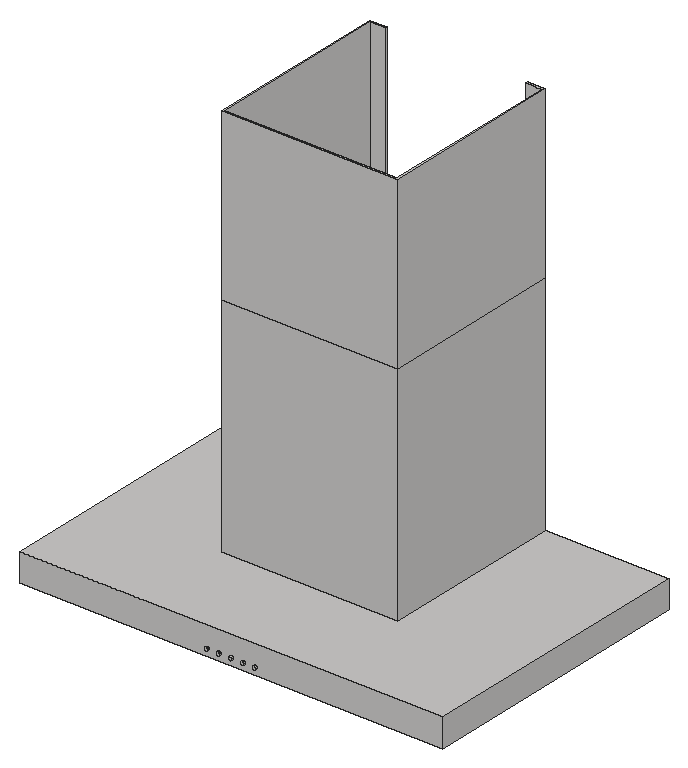
Revit family "Qf_Summit_SEH4630SS_30 inches Wide Wall-Mounted Range Hood", category Specialty Equipment, Revit 2020
Family settings
  Round Connector Dimension = Use Diameter
  Part Type = Normal
  Work Plane-Based = No
  Always vertical = Yes
  Cut with Voids When Loaded = No
  Shared = No
  Room Calculation Point = No
Parameters
  Weight in Pounds = 52
  Watts = FL Amps * Volts  # 299 W
  Volts = 115 V
  Ventilation Remarks = ""
  URL Cutsheet = ""
  Specification by User = ""
  Specification by Manufacturer = ""
  Show Clearance [instance] = yes
  Show Casters [instance] = yes
  Serial Number = ""
  Seismic Rating = ""
  SMACNA No = ""
  Revision Code = ""
  Phase = 1
  Number of Poles = 1
  NAFEM Spec ID Number = ""
  Model = "SEH4630SS"
  Min Ckt Ampacity = 0 A
  Max Overcurrent Protection = 0 A
  Masterspec = ""
  Manufacturer = "Summit"
  Length = 29 1/2"
  Item Number = ""
  Installed By = ""
  Identify Quantity as Lot = yes
  Height = 29 1/2"
  HP = ""
  Furnished By = ""
  Foodservice Equipment Identifier = yes
  FL Amps = 2.6 A
  Exhaust Volume = 200 CFM
  Exhaust Vent Width = 12 1/4"
  Exhaust Vent Diameter = 0"
  Exhaust Vent Depth = 12 7/8"
  Exhaust Static Press = 0.00 in-wg
  Exhaust RI Height = 0"
  Electrical Remarks = ""
  Electric Connection Type = ""
  Elec Conn RI Height = 0"
  Elec Conn Connection Height = 0"
  Description = "30\" Wide Wall-Mounted Range Hood"
  Depth = 19 11/16"
  Default Elevation = 0"
  Cycle = 60 Hz
  Conn Plug = ""
  Conn Conduit = yes
  CSI MasterFormat = ""
  Base Height [instance] = 3/4"
  Apparent Power = 828 VA
Reference planes (in)
  plane 1: z = 0
  plane 2 "LEFT": x = 0
  plane 3 "RIGHT": x = 29.5
  plane 4 "FRONT": y = -20.4375
  plane 5 "TOP": z = 29.5
  plane 6 "Center Y": x = 14.75
  plane 7 "Center X": y = -10.59375
  plane 8 "BACK": y = -0.75
  plane 9: z = 17.6875
  plane 10: y = -13.625
  plane 11: x = 8.625
  plane 12: x = 20.875
  plane 13: z = 1.9375
Forms (in)
  Extrusion 1, solid, material "QF_Metal_Stainless_Polished"
    sketch origin (0, 0, 0) x (1, 0, 0) y (0, 1, 0)
      loop
        line (8.625, -0.75) -> (8.625, -13.625) -> (20.875, -13.625) -> (20.875, -0.75) -> (19.64649, -0.75) -> (19.64649, -0.875) -> (20.75, -0.875) -> (20.75, -13.5) -> (8.75, -13.5) -> (8.75, -0.875) -> (9.85351, -0.875) -> (9.85351, -0.75) -> (8.625, -0.75)
    from 17.6875 to 29.5
  Extrusion 2, solid, material "QF_Metal_Stainless_Polished"
    sketch origin (0, 0, 51) x (0, -1, 0) y (1, 0, 0)
      loop
        line (0.75, 8.625) -> (13.625, 8.625) -> (13.625, 20.875) -> (0.75, 20.875) -> (0.75, 8.625)
    from -49.0625 to -33.3125
  Extrusion 3, solid, material "QF_Metal_Stainless_Polished"
    sketch origin (0, 0, 0) x (1, 0, 0) y (0, 1, 0)
      loop
        line (0, -0.75) -> (0, -20.4375) -> (29.5, -20.4375) -> (29.5, -0.75) -> (0, -0.75)
    from 0 to 1.9375
  Extrusion 4, solid, material "QF_Metal_Stainless_Polished"
    sketch origin (7.25, -0.75, 51) x (1, 0, 0) y (0, 0, -1)
      loop
        circle (7.5, 47.97736) r 0.25
    from 0 to 0.06876
  Extrusion 5, solid, material "QF_Metal_Stainless_Polished"
    sketch origin (29.5, -20.4375, 0) x (-1, 0, 0) y (0, 0, -1)
      loop
        circle (14.75, -0.47403) r 0.11743
      loop
        circle (13.90565, -0.47403) r 0.11743
      loop
        circle (15.59435, -0.47403) r 0.11743
      loop
        circle (16.43869, -0.47403) r 0.11743
      loop
        circle (13.06131, -0.47403) r 0.11743
    from 0 to 0.08308
  Extrusion 6, void
    sketch origin (2.96875, 0, 0) x (1, 0, 0) y (0, 1, 0)
      loop
        line (-0.96875, -2.75) -> (-0.96875, -18.4375) -> (24.53125, -18.4375) -> (24.53125, -2.75) -> (-0.96875, -2.75)
    from 1.33879 to 0
  Extrusion 7, solid, material "QF_Metal_Stainless_Polished"
    sketch origin (2.96875, 0, 0) x (0, 1, 0) y (1, 0, 0)
      loop
        line (-2.875, -0.8387) -> (-2.875, 24.35971) -> (-18.3125, 24.35971) -> (-18.3125, -0.8387) -> (-2.875, -0.8387)
      loop
        line (-3.2238, -0.5109) -> (-3.2238, 11.53125) -> (-15.9738, 11.53125) -> (-15.9738, 6.96875) -> (-14.8488, 6.96875) -> (-14.8488, 3.96875) -> (-15.9738, 3.96875) -> (-15.9738, -0.5109) -> (-3.2238, -0.5109)
      loop
        line (-3.2238, 24.0734) -> (-15.9738, 24.0734) -> (-15.9738, 19.59375) -> (-14.8488, 19.59375) -> (-14.8488, 16.59375) -> (-15.9738, 16.59375) -> (-15.9738, 12.03125) -> (-3.2238, 12.03125) -> (-3.2238, 24.0734)
    from 0 to -1.33879
  Extrusion 8, solid, material "QF_Plastic_White_Smooth"
    sketch origin (2.96875, 0, 0) x (0, 1, 0) y (-1, 0, 0)
      loop
        line (-15.9738, 0.5109) -> (-15.9738, -3.96875) -> (-14.8488, -3.96875) -> (-14.8488, -6.96875) -> (-15.9738, -6.96875) -> (-15.9738, -11.53125) -> (-3.2238, -11.53125) -> (-3.2238, 0.5109) -> (-15.9738, 0.5109)
      loop
        line (-15.9738, -24.0734) -> (-3.2238, -24.0734) -> (-3.2238, -12.03125) -> (-15.9738, -12.03125) -> (-15.9738, -16.59375) -> (-14.8488, -16.59375) -> (-14.8488, -19.59375) -> (-15.9738, -19.59375) -> (-15.9738, -24.0734)
    from 0 to 1.33879
  Extrusion 9, solid, material "QF_Plastic_White_Smooth"
    sketch origin (2.96875, 0, 0) x (1, 0, 0) y (0, 1, 0)
      loop
        spline (6.53125, -1.75505) -> (6.49292, -1.53462) -> (6.38053, -1.32922) -> (6.20175, -1.15283) -> (5.96875, -1.01749) -> (5.69742, -0.9324) -> (5.40625, -0.90339) -> (5.11508, -0.9324) -> (4.84375, -1.01749) -> (4.61075, -1.15283) -> (4.43197, -1.32922) -> (4.31958, -1.53462) -> (4.28125, -1.75505)
        spline (4.28125, -1.75505) -> (4.31958, -1.97547) -> (4.43197, -2.18088) -> (4.61075, -2.35726) -> (4.84375, -2.49261) -> (5.11508, -2.57769) -> (5.40625, -2.60671) -> (5.69742, -2.57769) -> (5.96875, -2.49261) -> (6.20175, -2.35726) -> (6.38053, -2.18088) -> (6.49292, -1.97547) -> (6.53125, -1.75505)
      loop
        spline (17.03125, -1.75505) -> (17.06958, -1.97547) -> (17.18197, -2.18088) -> (17.36075, -2.35726) -> (17.59375, -2.49261) -> (17.86508, -2.57769) -> (18.15625, -2.60671) -> (18.44742, -2.57769) -> (18.71875, -2.49261) -> (18.95175, -2.35726) -> (19.13053, -2.18088) -> (19.24292, -1.97547) -> (19.28125, -1.75505)
        spline (19.28125, -1.75505) -> (19.24292, -1.53462) -> (19.13053, -1.32922) -> (18.95175, -1.15283) -> (18.71875, -1.01749) -> (18.44742, -0.9324) -> (18.15625, -0.90339) -> (17.86508, -0.9324) -> (17.59375, -1.01749) -> (17.36075, -1.15283) -> (17.18197, -1.32922) -> (17.06958, -1.53462) -> (17.03125, -1.75505)
    from 0 to -0.03009
  Extrusion 10, solid, material "QF_Metallic_Paint_Black_Glossy"
    sketch origin (2.96875, 0, 0) x (1, 0, 0) y (0, 1, 0)
      loop
        line (6.53393, -15.13785) -> (4.44365, -15.13785) -> (4.44365, -15.95774) -> (6.53393, -15.95774) -> (6.53393, -15.13785)
      loop
        line (17.02857, -15.13785) -> (17.02857, -15.95774) -> (19.11885, -15.95774) -> (19.11885, -15.13785) -> (17.02857, -15.13785)
    from 0 to -0.03009
Cuts and joins
  joined: Extrusion 2, Extrusion 4
  Extrusion 6 cuts Extrusion 3
  Extrusion 6 cuts Extrusion 10
Lines and regions (in)
  symbolic lines
    curve 1: line (0, -0.75, 0) -> (0, -20.4375, 0)
    curve 2: line (0, -20.4375, 0) -> (29.5, -20.4375, 0)
    curve 3: line (29.5, -20.4375, 0) -> (29.5, -0.75, 0)
    curve 4: line (29.5, -0.75, 0) -> (0, -0.75, 0)
    curve 5: line (20.75, -13.5, 0) -> (8.75, -13.5, 0)
    curve 6: line (8.75, -13.5, 0) -> (8.75, -0.875, 0)
    curve 7: line (8.75, -0.875, 0) -> (9.85351, -0.875, 0)
    curve 8: line (9.85351, -0.875, 0) -> (9.85351, -0.75, 0)
    curve 9: line (9.85351, -0.75, 0) -> (8.625, -0.75, 0)
    curve 10: line (8.625, -0.75, 0) -> (8.625, -13.625, 0)
    curve 11: line (8.625, -13.625, 0) -> (20.875, -13.625, 0)
    curve 12: line (20.875, -13.625, 0) -> (20.875, -0.75, 0)
    curve 13: line (20.875, -0.75, 0) -> (19.64649, -0.75, 0)
    curve 14: line (19.64649, -0.75, 0) -> (19.64649, -0.875, 0)
    curve 15: line (19.64649, -0.875, 0) -> (20.75, -0.875, 0)
    curve 16: line (20.75, -0.875, 0) -> (20.75, -13.5, 0)
Dimensions and locks (in)
  equal spacing: plane 2 "LEFT", plane 6 "Center Y", plane 3 "RIGHT"
  "Length": plane 2 "LEFT" to plane 3 "RIGHT"
  equal spacing: plane 4 "FRONT", plane 7 "Center X", plane 8 "BACK"
  "Height": plane 5 "TOP" to level
  plane 3 "RIGHT" to plane 2 "LEFT" = 29 1/2"
  plane 5 "TOP" to level = 29 1/2"
  "Depth": plane 4 "FRONT" to plane 8 "BACK"
  plane 9 to plane 13 = 15 3/4"
  plane 8 "BACK" to plane 10 = 12 7/8"
  plane 11 to plane 12 = 12 1/4"
  plane 13 to level = 1 15/16"
  equal spacing: plane 11, plane 6 "Center Y", plane 12, locked at 6.125 each
  locked: plane 6 "Center Y" to Extrusion 4 sketch curve
  Extrusion 5 sketch curve to Extrusion 5 sketch curve to plane 6 "Center Y" to Extrusion 5 sketch curve to Extrusion 5 sketch curve to Extrusion 5 sketch curve = 0.84435" locked, 0.84435" locked, 0" locked, 0.84435" locked, 0.84435" locked
  aligned and locked: level to plane 1
  aligned and locked: plane 5 "TOP" to Extrusion 1
  aligned and locked: Extrusion 1 to plane 9
  aligned and locked: plane 9 to Extrusion 2
  aligned and locked: Extrusion 3 to plane 13
  aligned and locked: cut or joined group of Extrusion 2, Extrusion 4 to plane 13
  aligned and locked: Extrusion 9 to Extrusion 10
Automatic sketch dimensions
  plane 8 "BACK" to Extrusion 2 sketch curve = 0"
  Extrusion 2 to Extrusion 4 sketch curve = 1.08514"
  plane 8 "BACK" to Extrusion 3 sketch curve = 0"
  Extrusion 1 sketch curve to plane 10 = 0"
  plane 8 "BACK" to Extrusion 1 sketch curve = 0"  (x2)
  Extrusion 1 sketch curve to plane 11 = 1/8"
  Extrusion 1 sketch curve to plane 11 = 0"
  Extrusion 1 sketch curve to Extrusion 1 sketch curve = 1.10351"
  plane 8 "BACK" to Extrusion 1 sketch curve = 1/8"  (x2)
  Extrusion 1 sketch curve to plane 12 = 1.22851"
  plane 10 to Extrusion 1 sketch curve = 1/8"
  Extrusion 1 sketch curve to plane 12 = 1/8"
  Extrusion 3 to Extrusion 5 sketch curve = 0.47403"  (x5)
  Extrusion 2 sketch curve to plane 11 = 0"
  Extrusion 2 sketch curve to plane 10 = 0"
  Extrusion 2 sketch curve to plane 12 = 0"
  Extrusion 1 sketch curve to plane 12 = 0"
  plane 4 "FRONT" to Extrusion 3 sketch curve = 0"
  plane 2 "LEFT" to Extrusion 3 sketch curve = 0"
  plane 3 "RIGHT" to Extrusion 3 sketch curve = 0"
  curve 1 to plane 2 "LEFT" = 0"
  curve 3 to plane 3 "RIGHT" = 0"
  plane 4 "FRONT" to curve 1 = 0"
  plane 8 "BACK" to curve 3 = 0"
  plane 8 "BACK" to curve 10 = 0"
  curve 10 to plane 11 = 0"
  plane 8 "BACK" to curve 14 = 0"
  curve 12 to plane 10 = 0"
  curve 12 to plane 12 = 0"
  curve 5 to plane 11 = 1/8"
  curve 7 to curve 9 = 1.10351"
  curve 14 to curve 12 = 1.22851"
  curve 15 to plane 12 = 1/8"
  plane 10 to curve 5 = 1/8"
  plane 8 "BACK" to curve 7 = 1/8"
  plane 8 "BACK" to curve 16 = 1/8"
  Extrusion 6 sketch curve to plane 4 "FRONT" = 2"
  plane 2 "LEFT" to Extrusion 6 sketch curve = 2"
  plane 3 "RIGHT" to Extrusion 6 sketch curve = 2"
  plane 8 "BACK" to Extrusion 6 sketch curve = 2"
  Extrusion 7 sketch curve to Extrusion 6 = 1/8"  (x2)
  Extrusion 7 sketch curve to Extrusion 6 = 2.4637"  (x2)
  Extrusion 7 sketch curve to Extrusion 6 = 0.45785"  (x2)
  Extrusion 7 sketch curve to Extrusion 7 sketch curve = 2.3387"
  Extrusion 7 sketch curve to Extrusion 7 sketch curve = 0"
  Extrusion 7 sketch curve to Extrusion 7 sketch curve = 1 1/8"  (x2)
  Extrusion 7 sketch curve to Extrusion 6 = 0.4738"  (x2)
  Extrusion 7 sketch curve to Extrusion 7 sketch curve = 4.47965"
  Extrusion 7 sketch curve to Extrusion 7 sketch curve = 3"  (x2)
  Extrusion 7 sketch curve to Extrusion 7 sketch curve = 12.04215"
  Extrusion 7 sketch curve to Extrusion 7 sketch curve = 1/2"
  Extrusion 7 sketch curve to Extrusion 7 sketch curve = 4 9/16"
  Extrusion 7 sketch curve to Extrusion 6 = 0.17154"
  Extrusion 7 sketch curve to Extrusion 6 = 0.13005"
  Extrusion 8 sketch curve to Extrusion 7 = 0"  (x12)
  Extrusion 7 to Extrusion 8 sketch curve = 0"  (x4)
  plane 11 to Extrusion 9 sketch curve = 1/4"
  plane 8 "BACK" to Extrusion 9 sketch curve = 1.00505"  (x2)
  Extrusion 9 sketch curve to plane 11 = 7/8"
  Extrusion 9 sketch curve to plane 12 = 7/8"
  plane 12 to Extrusion 9 sketch curve = 1/4"
  plane 11 to Extrusion 10 sketch curve = 1.2126"
  Extrusion 10 sketch curve to plane 11 = 0.87768"
  Extrusion 10 sketch curve to plane 12 = 0.87768"
  plane 12 to Extrusion 10 sketch curve = 1.2126"
  Extrusion 10 sketch curve to plane 10 = 2.33274"  (x2)
  Extrusion 10 sketch curve to Extrusion 10 sketch curve = 0.81989"  (x2)
  radius of Extrusion 4 sketch curve = 1/4"
  radius of Extrusion 5 sketch curve = 0.11743"  (x5)
Connectors (in)
  electrical at (14.75, -0.68124, 3.02264), driven by "Volts", driven by "Apparent Power"
    settings: on cut or joined group of Extrusion 2, Extrusion 4, index 1, voltage 115 V, apparent load 828 VA, apparent load phase1 0 VA, apparent load phase2 0 VA, apparent load phase3 0 VA, power factor 1, load classification "Other", number of poles 1, system type 30, power factor state 1, is connector primary yes, connector utility no, sub classification motor no, connector description "Electrical Inlet"
  hvac at (14.75, -5.0625, 29.5)
    settings: on Extrusion 1, index 2, duct flow 0 CFM, flow factor 0, pres drop 0.00 in-wg, loss coef 0, conn angle 0.00°, conn width 12 1/4", conn height 12 7/8", conn diameter 24", duct sys type 1, conn prof type 1, flow config 0, flow direction 0, loss method 0, conn ref index -1, conn util no, is conn primary yes, conn desc ""
